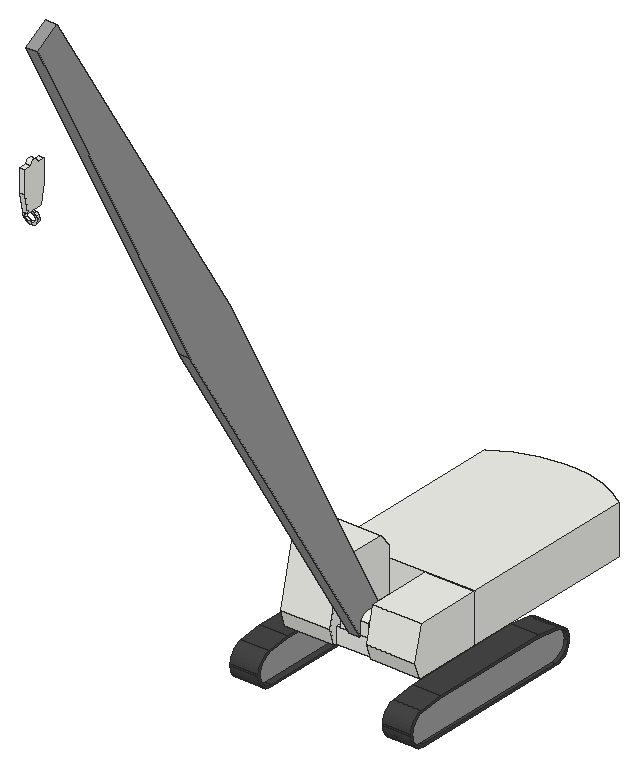
Revit family "M_Grua de construção", category Terreno, Revit 2019
Family settings
  Cota do conector redondo = Utilizar diâmetro
  Tipo de parte = Normal
  ID de item do Seek = Construction Crane-0000-CAN-ENU
  Com base no plano de trabalho = Não
  Sempre na vertical = Não
  Corte com vazios quando carregada = Não
  Compartilhado = Não
Parameters (values of type "22000mm @ 60 deg")
  Ângulo do braço = 60.00°
  Metade do braço = Comprimento do braço / 2  # 11000 mm
  Comprimento do braço = 22000 mm
  Largura da cabine = 3650 mm
  Peso do balcão = 5500 mm
  Gancho = 90.00° - Ângulo do braço  # 30.00°
  Raio de giro = Peso do balcão + 305.001 mm  # 5805.001 mm
  Largura = 4900 mm
Types (3, lengths in mm): name | Ângulo do braço | Metade do braço | Comprimento do braço | Largura da cabine | Peso do balcão | Gancho | Raio de giro | Largura
  (no name) | 60.00° | 11000 | 22000 | 3650 | 5500 | 30.00° | 5805.001 | 4900
  22000mm @ 60 deg | 60.00° | 11000 | 22000 | 3650 | 5500 | 30.00° | 5805.001 | 4900
  20000mm @ 45 deg | 45.00° | 10000 | 20000 | 3050 | 4250 | 45.00° | 4555.001 | 4100
Reference planes
  plane 1 "Centro (Frente/Trás)": x = -5679.121
  plane 2: z = 0.069
  plane 3 "Centro (Esquerda/Direita)": y = -5594.838
  plane 4: y = -219.838
  plane 5: x = -7504.121
  plane 6: x = -3854.121
  plane 7: x = -8129.121
  plane 8: x = -3229.121
  plane 9: x = -7367.121
  plane 10: x = -3991.121
  plane 11: z = 985.069
  plane 12: z = 855.277
  plane 13: z = 1155.069
  plane 14: z = 2455.069
  plane 15: z = 3110.069
  plane 16: y = -2907.338
  plane 17: y = -4662.338
  plane 18: y = 2857.671
  plane 19: x = -6480.121
  plane 20: x = -4878.121
  plane 21: z = 855.277
  plane 22: y = -15660.56
  plane 23: y = -2642.329
  plane 24: x = -5831.521
  plane 25: x = -5526.721
  plane 26: y = 2248.071
Forms (mm)
  Extrusion 1, solid, material "Plástico, Preto Opaco"
    sketch origin (-5679.121, 0, 0) x (0, -1, 0) y (0, 0, 1)
      loop
        arc (5163.038, 0) -> (5468.367, 126.471) -> (5594.838, 431.8) r 431.8
        line (5594.838, 431.8) -> (5594.838, 475.104)
        arc (5594.838, 475.104) -> (5487.126, 760.443) -> (5217.727, 903.426) r 431.8
        line (5217.727, 903.426) -> (4578.838, 985.069) -> (1235.838, 985.069) -> (596.95, 903.426)
        arc (596.95, 903.426) -> (327.551, 760.443) -> (219.838, 475.104) r 431.8
        line (219.838, 475.104) -> (219.838, 431.8)
        arc (219.838, 431.8) -> (346.31, 126.471) -> (651.638, 0) r 431.8
        line (651.638, 0) -> (5163.038, 0)
      loop
        line (1239.068, 934.269) -> (625.312, 856.07)
        arc (625.312, 856.07) -> (373.237, 722.957) -> (270.77, 456.947) r 406.08
        arc (270.77, 456.947) -> (389.669, 169.899) -> (676.716, 51) r 405.946
        line (676.716, 51) -> (5143.937, 51)
        arc (5143.937, 51) -> (5427.276, 168.363) -> (5544.639, 451.702) r 400.702
        arc (5544.639, 451.702) -> (5443.087, 720.661) -> (5189.116, 855.385) r 406.944
        line (5189.116, 855.385) -> (4575.608, 934.269) -> (1239.068, 934.269)
    from 1688 to 2450
  Extrusion 2, solid, material "Metal, Acabamento de Pintura, Branco, Fosco"
    sketch origin (-7182.762, 8556.749, 2455) x (0, 0, -1) y (0, -1, 0)
      loop
        line (-0.069, 11199.078) -> (1299.931, 11199.078) -> (1299.931, 13065.892) -> (870.87, 13219.088) -> (-655.069, 12835.688) -> (-655.069, 11464.088) -> (-304.869, 11199.078) -> (-0.069, 11199.078)
    from -1003.64 to 321.36
  Extrusion 3, solid, material "Metal, Acabamento de Pintura, Branco, Fosco"
    sketch origin (-4182.762, -2642.329, 2455) x (0, 0, -1) y (0, 1, 0)
      loop
        line (-0.069, 0) -> (-0.069, -1801.182) -> (870.87, -2020.01) -> (1299.931, -1866.814) -> (1299.931, 0) -> (-0.069, 0)
    from -996.36 to 328.64
  Extrusion 4, solid, material "Metal, Acabamento de Pintura, Branco, Fosco"
    sketch origin (0, 0, 0) x (1, 0, 0) y (0, 1, 0)
      loop
        line (-6179.121, -2642.329) -> (-6179.121, -4433.738) -> (-5179.121, -4433.738) -> (-5179.121, -2642.329) -> (-6179.121, -2642.329)
    from 1155 to 1589.138
  Extrusion 5, solid, material "Metal, Acabamento de Pintura, Branco, Fosco"
    sketch origin (-6179.121, -2794.729, 1589.138) x (0, 0, -1) y (0, -1, 0)
      loop
        line (-0.069, 1060.859) -> (-0.069, 1640.768) -> (-355.669, 1640.768)
        arc (-355.669, 1640.768) -> (-508.745, 1350.813) -> (-355.669, 1060.859) r 351.153
        line (-355.669, 1060.859) -> (-0.069, 1060.859)
    from -878.135 to -123.031
  Extrusion 6, solid, material "Aço"
    sketch origin (-8129.121, 0, 0) x (0, -1, 0) y (0, 0, 1)
      loop
        line (1239.068, 934.269) -> (625.312, 856.139)
        arc (625.312, 856.139) -> (373.214, 723) -> (270.77, 456.947) r 406.079
        arc (270.77, 456.947) -> (389.669, 169.899) -> (676.716, 51) r 405.946
        line (676.716, 51) -> (5143.901, 51)
        arc (5143.901, 51) -> (5427.265, 168.374) -> (5544.639, 451.739) r 400.738
        arc (5544.639, 451.739) -> (5443.089, 720.71) -> (5189.116, 855.454) r 406.981
        line (5189.116, 855.454) -> (4575.608, 934.269) -> (1239.068, 934.269)
    from -576.36 to -111.72
  Extrusion 7, solid, material "Plástico, Preto Opaco"
    sketch origin (-5679.121, 0, 0) x (0, -1, 0) y (0, 0, -1)
      loop
        line (5163.038, 0) -> (651.638, 0)
        arc (651.638, 0) -> (346.31, -126.471) -> (219.838, -431.8) r 431.8
        line (219.838, -431.8) -> (219.838, -475.104)
        arc (219.838, -475.104) -> (327.551, -760.443) -> (596.95, -903.426) r 431.8
        line (596.95, -903.426) -> (1235.838, -985.069) -> (4578.838, -985.069) -> (5217.727, -903.426)
        arc (5217.727, -903.426) -> (5487.126, -760.443) -> (5594.838, -475.104) r 431.8
        line (5594.838, -475.104) -> (5594.838, -431.8)
        arc (5594.838, -431.8) -> (5468.367, -126.471) -> (5163.038, 0) r 431.8
      loop
        line (1239.068, -934.269) -> (4575.608, -934.269) -> (5189.116, -855.385)
        arc (5189.116, -855.385) -> (5443.087, -720.661) -> (5544.639, -451.702) r 406.944
        arc (5544.639, -451.702) -> (5427.276, -168.363) -> (5143.937, -51) r 400.702
        line (5143.937, -51) -> (676.716, -51)
        arc (676.716, -51) -> (389.669, -169.899) -> (270.77, -456.947) r 405.946
        arc (270.77, -456.947) -> (373.237, -722.957) -> (625.312, -856.07) r 406.08
        line (625.312, -856.07) -> (1239.068, -934.269)
    from 1688 to 2450
  Extrusion 8, solid, material "Aço"
    sketch origin (-3229.121, 0, 0) x (0, -1, 0) y (0, 0, -1)
      loop
        line (1239.068, -934.269) -> (4575.608, -934.269) -> (5189.116, -855.454)
        arc (5189.116, -855.454) -> (5443.11, -720.704) -> (5544.639, -451.702) r 406.944
        arc (5544.639, -451.702) -> (5427.276, -168.363) -> (5143.937, -51) r 400.702
        line (5143.937, -51) -> (676.716, -51)
        arc (676.716, -51) -> (389.669, -169.899) -> (270.77, -456.947) r 405.946
        arc (270.77, -456.947) -> (373.214, -723) -> (625.312, -856.139) r 406.079
        line (625.312, -856.139) -> (1239.068, -934.269)
    from -576.36 to -111.72
  Extrusion 9, solid, material "Metal, Acabamento de Pintura, Branco, Fosco"
    sketch origin (-5844.145, -5321.37, -4455.207) x (0, 0, -1) y (0, -1, 0)
      loop
        line (-22280.795, 9746.581) -> (-21671.195, 9746.581) -> (-21170.913, 9834.795) -> (-21170.913, 10293.368) -> (-21671.195, 10392.578) -> (-22280.795, 10392.578) -> (-22280.795, 10176.678)
        arc (-22280.795, 10176.678) -> (-22387.894, 10069.58) -> (-22280.795, 9962.481) r 107.098
        line (-22280.795, 9962.481) -> (-22280.795, 9746.581)
    from -233.519 to -100.409
  Extrusion 10, solid, material "Metal, Acabamento de Pintura, Branco, Fosco"
    sketch origin (-5743.736, -15614.738, 16715.706) x (1, 0, 0) y (0, -0.194521, 0.980898)
      loop
        circle (64.615, -203.2) r 203.2
      loop
        circle (64.615, -203.2) r 152.4
    from -198.532 to -135.533
  Extrusion 11, solid, material "Aço"
    sketch origin (-5679.121, 0, 0) x (0, -1, 0) y (0, 0, 1)
      loop
        line (14731.038, 20949.788) -> (8901.083, 11614.009) -> (3709.041, 1909.93) -> (4412.947, 1503.53) -> (10220.905, 10852.009) -> (15390.95, 20568.788) -> (14731.038, 20949.788)
    from -152.4 to 152.4
  Extrusion 12, solid, material "Metal, Acabamento de Pintura, Branco, Fosco"
    sketch origin (0, 0, 0) x (1, 0, 0) y (0, 1, 0)
      loop
        line (-3854.121, -2642.329) -> (-3854.121, 2248.071)
        arc (-3854.121, 2248.071) -> (-4642.108, 2685.431) -> (-5526.721, 2857.671) r 2878.337
        line (-5526.721, 2857.671) -> (-5831.521, 2857.671)
        arc (-5831.521, 2857.671) -> (-6713.182, 2677.329) -> (-7504.121, 2248.071) r 3056.806
        line (-7504.121, 2248.071) -> (-7504.121, -2642.329) -> (-3854.121, -2642.329)
    from 1155 to 2455.069
Lines and regions (mm)
  Split face 1
    outline origin (-7504.121, -4662.338, 1584.13) x (1, 0, 0) y (0, 0.243681, 0.969855)
      loop
        line (98.634, 1483.76) -> (98.634, 112.16) -> (1232.793, 112.16) -> (1232.793, 1483.76) -> (98.634, 1483.76)
  Split face 2
    outline origin (-7504.121, 8556.749, 2455) x (0, 0, -1) y (0, -1, 0)
      loop
        line (-565.748, 11815.273) -> (100.643, 11682.402) -> (635.896, 12609.488) -> (730.472, 12609.488) -> (730.472, 13111.421) -> (-565.748, 12771.318) -> (-565.748, 11815.273)
  Split face 3
    outline origin (-7504.121, 2248.071, 2455.069) x (0, 0, -1) y (0, -1, 0)
      loop
        line (1186.801, 4838.631) -> (1034.401, 4838.631) -> (1034.401, 227.631) -> (1186.801, 227.631) -> (1186.801, 4838.631)
  Split face 4
    outline origin (-7504.121, 2248.071, 2455.069) x (0, 0, -1) y (0, -1, 0)
      loop
        line (953.166, 4838.631) -> (902.366, 4838.631) -> (902.366, 227.631) -> (953.166, 227.631) -> (953.166, 4838.631)
  Split face 5
    outline origin (-3854.121, -2642.329, 2455.069) x (0, 0, -1) y (0, 1, 0)
      loop
        line (1034.401, 51.769) -> (1186.801, 51.769) -> (1186.801, 4662.769) -> (1034.401, 4662.769) -> (1034.401, 51.769)
  Split face 6
    outline origin (-3854.121, -2642.329, 2455.069) x (0, 0, -1) y (0, 1, 0)
      loop
        line (902.366, 4662.769) -> (902.366, 51.769) -> (953.166, 51.769) -> (953.166, 4662.769) -> (902.366, 4662.769)
  Split face 7
    outline origin (-6179.121, 8556.749, 2455) x (0, 0, -1) y (0, -1, 0)
      loop
        line (-565.748, 12771.318) -> (-565.748, 11815.273) -> (100.643, 11682.402) -> (341.943, 12100.346) -> (341.943, 13009.479) -> (-565.748, 12771.318)
  model lines, style "InvisibleLines"
    curve 1: line (-5679.121, -4060.994, 1706.73) -> (-5679.121, -15060.994, 20759.288)
    curve 2: line (-5679.121, -14731.038, 20949.788) -> (-5679.121, -15390.95, 20568.788)
    curve 3: line (-5679.121, -4412.947, 1503.53) -> (-5679.121, -3709.041, 1909.93)
    curve 4: line (-5679.121, -8901.083, 11614.009) -> (-5679.121, -10220.905, 10852.009)
    curve 5: line (-5679.121, -14731.038, 20949.788) -> (-5679.121, -8901.083, 11614.009)
    curve 6: line (-5679.121, -15390.95, 20568.788) -> (-5679.121, -10220.905, 10852.009)
    curve 7: line (-5679.121, -10220.905, 10852.009) -> (-5679.121, -4412.947, 1503.53)
    curve 8: line (-5679.121, -3709.041, 1909.93) -> (-5679.121, -8901.083, 11614.009)
  symbolic lines, style "Raio de giro"
    curve 9: arc (125.879, -2907.338, 0) -> (-5679.121, 2897.662, 0) -> (-11484.122, -2907.338, 0) r 5805.001
    curve 10: arc (-11484.122, -2907.338, 0) -> (-5679.121, -8712.339, 0) -> (125.879, -2907.338, 0) r 5805.001
    curve 14: arc (-5679.121, -15390.95, 0) -> (6804.49, -2907.338, 0) -> (-5679.121, 9576.273, 0) r 12483.611
    curve 15: arc (-5679.121, -15390.95, 0) -> (-18162.733, -2907.338, 0) -> (-5679.121, 9576.273, 0) r 12483.611
  model lines, style "Logística"
    curve 11: line (-5679.121, -15390.95, 20568.788) -> (-5679.121, -15390.95, 17825.588)
    curve 12: line (-5679.121, -15390.95, 17825.588) -> (-5679.121, -15746.55, 17825.588)
    curve 13: line (-5679.121, -15390.95, 17825.588) -> (-4946.321, -15390.95, 17825.588)
  symbolic lines, style "Logística"
    curve 16: line (-5831.521, -3773.626, 0) -> (-5831.521, -15390.95, 0)
    curve 17: line (-5526.721, -15390.95, 0) -> (-5526.721, -3773.626, 0)
    curve 18: line (-5831.521, -3773.626, 0) -> (-5526.721, -3773.626, 0)
    curve 19: line (-5831.521, -15390.95, 0) -> (-5526.721, -15390.95, 0)
Dimensions and locks
  plane 4 to plane 3 "Centro (Esquerda/Direita)" = 5375 mm
  equal spacing: plane 7, plane 1 "Centro (Frente/Trás)", plane 8
  "Largura": plane 7 to plane 8
  plane 7 to plane 9 = 762 mm
  plane 10 to plane 8 = 762 mm
  locked: plane 11 to plane 2 at 985
  locked: plane 13 to plane 2 at 1155
  locked: plane 13 to plane 14 at 1300
  locked: plane 15 to plane 2 at 3110
  equal spacing: plane 4, plane 16, plane 3 "Centro (Esquerda/Direita)"
  equal spacing: plane 19, plane 1 "Centro (Frente/Trás)", plane 20
  locked: plane 23 to plane 16 at 265.01
  "Peso do balcão": plane 18 to plane 23
  locked: plane 16 to curve 1 at 1153.656
  locked: curve 1 to plane 2 at 1706.661
  "Comprimento do braço": curve 1 to curve 2
  equal spacing: curve 2, curve 1, curve 2
  locked: curve 2 to curve 2 at 762
  equal spacing: curve 3, curve 1, curve 3
  locked: curve 3 to curve 3 at 812.8
  "Metade do braço": curve 4 to curve 2
  equal spacing: curve 4, curve 1, curve 4
  locked: curve 4 to curve 4 at 1524
  plane 24 to plane 1 "Centro (Frente/Trás)" to plane 25 = 152.4 mm locked, 152.4 mm locked
  "Largura da cabine": plane 5 to plane 6
  locked: plane 5 to plane 19 at 1024
  locked: plane 20 to plane 6 at 1024
  locked: plane 26 to plane 18 at 609.6
  locked: curve 12 to curve 11 at 2743.2
  equal spacing: Extrusion 9 sketch curve, curve 11, Extrusion 9 sketch curve
  locked: Extrusion 9 sketch curve to Extrusion 9 sketch curve at 645.997
  locked: curve 12 to Extrusion 9 sketch curve at 0
  locked: Extrusion 9 sketch curve to curve 12 at 1109.882
  Extrusion 9 sketch curve to curve 11 to Extrusion 9 sketch curve = 234.785 mm locked, 223.788 mm locked
  "Raio de giro": radius of curve 9
  radius of Extrusion 9 sketch curve = 107.098 mm
  "Ângulo do braço": angle plane 2 to curve 1
  locked: curve 1 to curve 3 (angle 90.00°)
  "Gancho": angle curve 1 to curve 11
  aligned and locked: plane 5 to Extrusion 2
  aligned and locked: Extrusion 3 to plane 6
  aligned and locked: Extrusion 2 to Extrusion 4 sketch curve
  aligned and locked: Extrusion 4 sketch curve to Extrusion 2
  aligned and locked: Extrusion 3 to Extrusion 4 sketch curve
  aligned and locked: Extrusion 11 sketch curve to curve 5
  aligned and locked: Extrusion 11 sketch curve to curve 2
  aligned and locked: Extrusion 11 sketch curve to curve 6
  aligned and locked: Extrusion 11 sketch curve to curve 7
  aligned and locked: Extrusion 11 sketch curve to curve 3
  aligned and locked: Extrusion 11 sketch curve to curve 8
  aligned and locked: Extrusion 11 to plane 25
  aligned and locked: Extrusion 11 to plane 24
  aligned and locked: Extrusion 1 to plane 7
  aligned and locked: Extrusion 1 to plane 9
  aligned and locked: Extrusion 7 to plane 10
  aligned and locked: plane 8 to Extrusion 7
  aligned and locked: Extrusion 12 sketch curve to Extrusion 3
  aligned and locked: Extrusion 3 to Extrusion 12 sketch curve
  aligned and locked: Extrusion 12 sketch curve to plane 5
  aligned and locked: Extrusion 12 sketch curve to plane 26  (x2)
  aligned and locked: Extrusion 12 to plane 14
  aligned and locked: curve 13 to Extrusion 11
  aligned and locked: Extrusion 11 to curve 16
  aligned and locked: curve 17 to Extrusion 11
Automatic sketch dimensions
  Extrusion 3 sketch curve to plane 14 = 0 mm
  Extrusion 3 sketch curve to plane 17 = 0 mm
  Extrusion 3 sketch curve to plane 13 = 0 mm
  Extrusion 3 sketch curve to plane 17 = 153.195 mm
  Extrusion 3 sketch curve to plane 16 = 265.01 mm
  plane 13 to Extrusion 3 sketch curve = 429.061 mm
  Extrusion 4 sketch curve to plane 17 = 228.6 mm
  Extrusion 5 sketch curve to plane 17 = 226.842 mm
  plane 14 to Extrusion 5 sketch curve = 510.262 mm
  Extrusion 5 sketch curve to Extrusion 5 sketch curve = 198.077 mm  (x2)
  Extrusion 1 sketch curve to plane 4 = 0 mm
  Extrusion 1 sketch curve to level = 0 mm
  Extrusion 1 sketch curve to plane 11 = 0 mm
  Extrusion 1 sketch curve to plane 3 "Centro (Esquerda/Direita)" = 0 mm
  plane 4 to Extrusion 1 sketch curve = 50.932 mm
  Extrusion 1 sketch curve to plane 12 = 48.15 mm  (x2)
  plane 4 to Extrusion 1 sketch curve = 377.112 mm
  Extrusion 1 sketch curve to plane 12 = 0.793 mm
  Extrusion 1 sketch curve to Extrusion 1 sketch curve = 28.362 mm
  Extrusion 1 sketch curve to Extrusion 1 sketch curve = 0 mm
  Extrusion 1 sketch curve to Extrusion 1 sketch curve = 25.078 mm
  Extrusion 1 sketch curve to Extrusion 1 sketch curve = 0.117 mm
  Extrusion 1 sketch curve to Extrusion 1 sketch curve = 610.526 mm
  Extrusion 1 sketch curve to Extrusion 1 sketch curve = 3.23 mm  (x2)
  Extrusion 1 sketch curve to plane 17 = 86.73 mm
  Extrusion 1 sketch curve to Extrusion 1 sketch curve = 6.243 mm
  Extrusion 1 sketch curve to Extrusion 1 sketch curve = 19.101 mm  (x2)
  Extrusion 1 sketch curve to plane 12 = 0.108 mm
  Extrusion 1 sketch curve to Extrusion 1 sketch curve = 26.078 mm
  Extrusion 1 sketch curve to Extrusion 1 sketch curve = 28.611 mm
  level to Extrusion 1 sketch curve = 51 mm
  Extrusion 1 sketch curve to Extrusion 1 sketch curve = 3.675 mm
  Extrusion 1 sketch curve to plane 11 = 50.8 mm
  Extrusion 1 sketch curve to plane 3 "Centro (Esquerda/Direita)" = 50.2 mm
  plane 4 to Extrusion 6 sketch curve = 50.932 mm
  Extrusion 6 sketch curve to plane 11 = 128.93 mm
  plane 4 to Extrusion 6 sketch curve = 405.474 mm
  Extrusion 6 sketch curve to Extrusion 6 sketch curve = 51.404 mm
  Extrusion 6 sketch curve to Extrusion 6 sketch curve = 0.117 mm
  Extrusion 6 sketch curve to plane 11 = 50.8 mm
  Extrusion 6 sketch curve to Extrusion 6 sketch curve = 613.756 mm
  Extrusion 6 sketch curve to plane 17 = 86.73 mm
  level to Extrusion 6 sketch curve = 51 mm
  Extrusion 6 sketch curve to Extrusion 6 sketch curve = 6.243 mm
  Extrusion 6 sketch curve to plane 11 = 129.615 mm
  Extrusion 6 sketch curve to plane 3 "Centro (Esquerda/Direita)" = 405.722 mm
  Extrusion 6 sketch curve to plane 3 "Centro (Esquerda/Direita)" = 50.2 mm
  Extrusion 6 sketch curve to Extrusion 6 sketch curve = 0 mm
  Extrusion 7 sketch curve to plane 4 = 0 mm
  Extrusion 7 sketch curve to level = 0 mm
  Extrusion 7 sketch curve to plane 11 = 0 mm
  Extrusion 7 sketch curve to plane 3 "Centro (Esquerda/Direita)" = 0 mm
  plane 4 to Extrusion 7 sketch curve = 50.932 mm
  Extrusion 7 sketch curve to plane 21 = 48.15 mm  (x2)
  plane 4 to Extrusion 7 sketch curve = 377.112 mm
  Extrusion 7 sketch curve to plane 21 = 0.793 mm
  Extrusion 7 sketch curve to Extrusion 7 sketch curve = 28.362 mm
  plane 4 to Extrusion 7 sketch curve = 431.8 mm
  Extrusion 7 sketch curve to Extrusion 7 sketch curve = 0 mm
  Extrusion 7 sketch curve to Extrusion 7 sketch curve = 25.078 mm
  Extrusion 7 sketch curve to Extrusion 7 sketch curve = 0.117 mm
  Extrusion 7 sketch curve to Extrusion 7 sketch curve = 610.526 mm
  Extrusion 7 sketch curve to plane 11 = 50.8 mm
  Extrusion 7 sketch curve to Extrusion 7 sketch curve = 3.23 mm  (x2)
  Extrusion 7 sketch curve to plane 17 = 86.73 mm
  Extrusion 7 sketch curve to plane 3 "Centro (Esquerda/Direita)" = 457.144 mm
  level to Extrusion 7 sketch curve = 51 mm
  Extrusion 7 sketch curve to Extrusion 7 sketch curve = 6.243 mm
  Extrusion 7 sketch curve to Extrusion 7 sketch curve = 19.101 mm  (x2)
  Extrusion 7 sketch curve to plane 21 = 0.108 mm
  Extrusion 7 sketch curve to Extrusion 7 sketch curve = 26.078 mm
  Extrusion 7 sketch curve to Extrusion 7 sketch curve = 28.611 mm
  Extrusion 7 sketch curve to plane 3 "Centro (Esquerda/Direita)" = 50.2 mm
  plane 4 to Extrusion 8 sketch curve = 50.932 mm
  Extrusion 8 sketch curve to plane 11 = 128.93 mm
  plane 4 to Extrusion 8 sketch curve = 405.474 mm
  Extrusion 8 sketch curve to Extrusion 8 sketch curve = 51.404 mm
  Extrusion 8 sketch curve to Extrusion 8 sketch curve = 0.117 mm
  Extrusion 8 sketch curve to plane 11 = 50.8 mm
  Extrusion 8 sketch curve to Extrusion 8 sketch curve = 613.756 mm
  Extrusion 8 sketch curve to plane 17 = 86.73 mm
  Extrusion 8 sketch curve to plane 3 "Centro (Esquerda/Direita)" = 457.144 mm
  level to Extrusion 8 sketch curve = 51 mm
  Extrusion 8 sketch curve to Extrusion 8 sketch curve = 6.243 mm
  Extrusion 8 sketch curve to plane 11 = 129.615 mm
  Extrusion 8 sketch curve to plane 3 "Centro (Esquerda/Direita)" = 405.722 mm
  Extrusion 8 sketch curve to plane 3 "Centro (Esquerda/Direita)" = 50.2 mm
  Split face 1 sketch curve to Extrusion 2 = 98.634 mm
  Extrusion 2 to Split face 1 sketch curve = 92.207 mm
  Extrusion 2 to Split face 1 sketch curve = 112.16 mm
  Split face 1 sketch curve to Extrusion 2 = 89.607 mm
  Extrusion 9 sketch curve to Extrusion 9 sketch curve = 500.282 mm
  Extrusion 10 sketch curve to plane 1 "Centro (Frente/Trás)" = 0 mm  (x2)
  plane 1 "Centro (Frente/Trás)" to Extrusion 10 sketch curve = 152.4 mm
  Extrusion 10 sketch curve to Extrusion 10 sketch curve = 50.8 mm
  Extrusion 10 sketch curve to Extrusion 10 sketch curve = 0 mm
  Extrusion 3 sketch curve to plane 17 = 218.828 mm
  Extrusion 5 sketch curve to Extrusion 5 sketch curve = 157.523 mm
  Extrusion 5 sketch curve to Extrusion 5 sketch curve = 289.955 mm
  Extrusion 9 sketch curve to Extrusion 9 sketch curve = 609.6 mm
  plane 15 to Extrusion 2 sketch curve = 0 mm
  plane 14 to Extrusion 2 sketch curve = 0 mm
  Extrusion 2 sketch curve to plane 13 = 0 mm
  Extrusion 2 sketch curve to Extrusion 2 sketch curve = 304.8 mm
  plane 13 to Extrusion 2 sketch curve = 429.061 mm
  Extrusion 2 sketch curve to plane 3 "Centro (Esquerda/Direita)" = 2952.51 mm
  Extrusion 2 sketch curve to Extrusion 2 sketch curve = 265.01 mm
  Extrusion 2 sketch curve to Extrusion 2 sketch curve = 1371.6 mm
  Extrusion 2 sketch curve to Extrusion 2 sketch curve = 1866.814 mm
  Extrusion 2 sketch curve to Extrusion 2 sketch curve = 153.195 mm
  Extrusion 12 sketch curve to plane 18 = 0 mm
  Extrusion 12 sketch curve to plane 24 = 0 mm
  Extrusion 12 sketch curve to plane 25 = 0 mm
  Extrusion 12 sketch curve to plane 1 "Centro (Frente/Trás)" = 12.677 mm
  Extrusion 12 sketch curve to plane 1 "Centro (Frente/Trás)" = 51.389 mm
  Split face 2 sketch curve to Extrusion 2 = 89.321 mm
  Extrusion 2 to Split face 2 sketch curve = 100.712 mm
  Split face 2 sketch curve to Extrusion 2 = 234.974 mm
  Split face 2 sketch curve to Extrusion 2 = 70.208 mm
  Split face 2 sketch curve to Extrusion 2 = 148.607 mm
  Split face 2 sketch curve to Extrusion 2 = 84.195 mm
  Split face 2 sketch curve to Extrusion 2 = 533.965 mm
  Split face 2 sketch curve to Extrusion 2 = 333.939 mm
  Split face 2 sketch curve to Extrusion 2 = 483.324 mm
  Split face 3 sketch curve to Extrusion 12 = 51.769 mm
  Extrusion 12 to Split face 3 sketch curve = 265.668 mm
  Extrusion 12 to Split face 3 sketch curve = 113.268 mm
  Extrusion 12 to Split face 3 sketch curve = 227.631 mm
  Split face 4 sketch curve to Extrusion 12 = 51.769 mm
  Extrusion 12 to Split face 4 sketch curve = 397.702 mm
  Split face 4 sketch curve to Split face 4 sketch curve = 50.8 mm
  Extrusion 12 to Split face 4 sketch curve = 227.631 mm
  Split face 5 sketch curve to Extrusion 12 = 265.668 mm
  Split face 5 sketch curve to Extrusion 12 = 51.769 mm
  Split face 5 sketch curve to Extrusion 12 = 113.268 mm
  Split face 5 sketch curve to Extrusion 12 = 227.631 mm
  Split face 6 sketch curve to Extrusion 12 = 51.769 mm
  Split face 6 sketch curve to Extrusion 12 = 397.702 mm
  Split face 6 sketch curve to Split face 6 sketch curve = 50.8 mm
  Split face 6 sketch curve to Extrusion 12 = 227.631 mm
  Split face 7 sketch curve to Extrusion 2 = 89.321 mm
  Extrusion 2 to Split face 7 sketch curve = 100.712 mm
  Split face 7 sketch curve to Extrusion 2 = 74.401 mm
  Split face 7 sketch curve to Extrusion 2 = 375.259 mm
  Split face 7 sketch curve to Extrusion 2 = 84.195 mm
  Split face 7 sketch curve to Extrusion 2 = 901.268 mm
  Split face 7 sketch curve to Extrusion 2 = 333.939 mm
  Split face 7 sketch curve to Split face 7 sketch curve = 417.944 mm
  curve 11 to curve 12 = 355.6 mm
  Extrusion 9 sketch curve to Extrusion 9 sketch curve = 215.9 mm
  curve 9 to plane 16 = 0 mm
  curve 13 to plane 1 "Centro (Frente/Trás)" = 0 mm
  curve 14 to plane 1 "Centro (Frente/Trás)" = 0 mm
  curve 10 to plane 1 "Centro (Frente/Trás)" = 0 mm
  curve 14 to plane 16 = 0 mm
  curve 13 to plane 20 = 68.2 mm
  curve 19 to curve 13 = 0 mm
  curve 14 to curve 13 = 0 mm
  plane 16 to curve 18 = 866.287 mm
